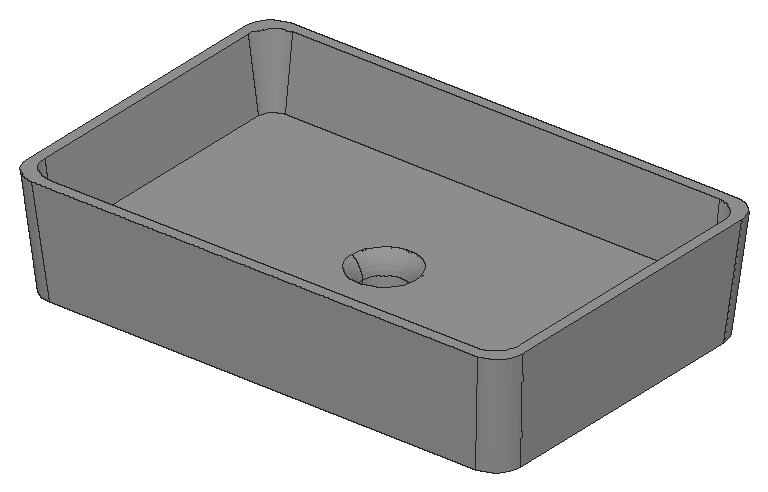
Revit family "L.SORRENTO BLANCO", category Plumbing Fixtures, Revit 2014
Reference planes
  plane 1 "Center (Front/Back)": y = 0
  plane 2: z = 0
  plane 3 "Center (Left/Right)": x = 0
Forms (mm)
  Blend 1, solid
    base sketch origin (0, 0, 0) x (1, 0, 0) y (0, 1, 0)
      loop
        arc (10, 35) -> (17.322, 17.322) -> (35, 10) r 25
        line (35, 10) -> (465, 10)
        arc (465, 10) -> (482.678, 17.322) -> (490, 35) r 25
        line (490, 35) -> (490, 291)
        arc (490, 291) -> (482.678, 308.678) -> (465, 316) r 25
        line (465, 316) -> (35, 316)
        arc (35, 316) -> (17.322, 308.678) -> (10, 291) r 25
        line (10, 291) -> (10, 35)
    top sketch origin (0, 0, 0) x (1, 0, 0) y (0, 1, 0)
      loop
        arc (25, 326) -> (7.322, 318.678) -> (0, 301) r 25
        line (0, 301) -> (0, 25)
        arc (0, 25) -> (7.322, 7.322) -> (25, 0) r 25
        line (25, 0) -> (475, 0)
        arc (475, 0) -> (492.678, 7.322) -> (500, 25) r 25
        line (500, 25) -> (500, 301)
        arc (500, 301) -> (492.678, 318.678) -> (475, 326) r 25
        line (475, 326) -> (25, 326)
    from 0 to 110
  Blend 2, void
    base sketch origin (0, 0, 0) x (1, 0, 0) y (0, 1, 0)
      loop
        line (20, 291) -> (20, 35)
        arc (20, 35) -> (24.393, 24.393) -> (35, 20) r 15
        line (35, 20) -> (465, 20)
        arc (465, 20) -> (475.607, 24.393) -> (480, 35) r 15
        line (480, 35) -> (480, 291)
        arc (480, 291) -> (475.607, 301.607) -> (465, 306) r 15
        line (465, 306) -> (35, 306)
        arc (35, 306) -> (24.393, 301.607) -> (20, 291) r 15
    top sketch origin (0, 0, 0) x (1, 0, 0) y (0, 1, 0)
      loop
        arc (465, 10) -> (482.678, 17.322) -> (490, 35) r 25
        line (490, 35) -> (490, 291)
        arc (490, 291) -> (482.678, 308.678) -> (465, 316) r 25
        line (465, 316) -> (35, 316)
        arc (35, 316) -> (17.322, 308.678) -> (10, 291) r 25
        line (10, 291) -> (10, 35)
        arc (10, 35) -> (17.322, 17.322) -> (35, 10) r 25
        line (35, 10) -> (465, 10)
    from 40 to 110
  Revolve 3, void
    sketch origin (0, 163, 0) x (1, 0, 0) y (0, 0, 1)
      loop
        line (250, 0) -> (272.5, 0) -> (272.5, 20)
        arc (272.5, 20) -> (275.187, 31.218) -> (282.666, 40) r 24.756
        line (282.666, 40) -> (250, 40) -> (250, 0)
      axis (250, 0) -> (250, 40)
    angle from 0 to 360
Cuts and joins
  Blend 2, Revolve 3 cuts Blend 1
Dimensions and locks
  aligned and locked: level to plane 2
